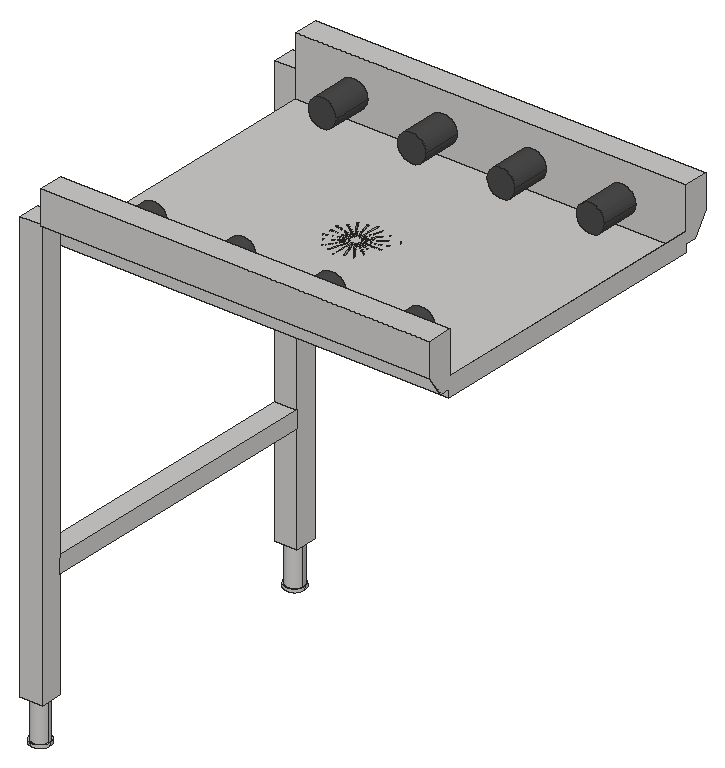
Revit family "QF_ELECTROLUXPROFESSIONAL_863139_HSSRC7", category Specialty Equipment, Revit 2018 (continued)
Lines and regions (mm)
  symbolic lines
    curve 298: arc (-728.848, 71.603, 0) -> (-728.908, 70.831, 0) -> (-729.497, 70.328, 0) r 1.012
    curve 299: line (-729.497, 70.328, 0) -> (-741.804, 66.33, 0)
    curve 300: arc (-741.804, 66.33, 0) -> (-742.604, 66.393, 0) -> (-743.125, 67.003, 0) r 1.048
    curve 301: line (-743.125, 67.003, 0) -> (-743.419, 67.91, 0)
    curve 302: arc (-743.419, 67.91, 0) -> (-743.36, 68.671, 0) -> (-742.779, 69.167, 0) r 0.998
    curve 303: line (-735.276, 73.399, 0) -> (-744.436, 73.399, 0)
    curve 304: arc (-744.436, 73.399, 0) -> (-745.153, 73.696, 0) -> (-745.45, 74.412, 0) r 1.013
    curve 305: line (-745.45, 74.412, 0) -> (-745.45, 75.402, 0)
    curve 306: arc (-745.45, 75.402, 0) -> (-745.158, 76.107, 0) -> (-744.452, 76.399, 0) r 0.997
    curve 307: line (-744.452, 76.399, 0) -> (-735.311, 76.399, 0)
    curve 308: arc (-735.311, 76.399, 0) -> (-734.579, 76.096, 0) -> (-734.276, 75.364, 0) r 1.035
    curve 309: line (-734.276, 75.364, 0) -> (-734.276, 74.399, 0)
    curve 310: arc (-734.276, 74.399, 0) -> (-734.569, 73.692, 0) -> (-735.276, 73.399, 0) r 1
    curve 311: line (-730.424, 76.616, 0) -> (-742.731, 80.615, 0)
    curve 312: arc (-742.731, 80.615, 0) -> (-743.341, 81.136, 0) -> (-743.404, 81.936, 0) r 1.048
    curve 313: line (-743.404, 81.936, 0) -> (-743.109, 82.843, 0)
    curve 314: arc (-743.109, 82.843, 0) -> (-742.613, 83.424, 0) -> (-741.852, 83.484, 0) r 0.998
    curve 315: line (-741.852, 83.484, 0) -> (-729.518, 79.476, 0)
    curve 316: arc (-729.518, 79.476, 0) -> (-728.916, 78.962, 0) -> (-728.854, 78.174, 0) r 1.033
    curve 317: line (-728.854, 78.174, 0) -> (-729.149, 77.266, 0)
    curve 318: arc (-729.149, 77.266, 0) -> (-729.652, 76.677, 0) -> (-730.424, 76.616, 0) r 1.012
    curve 319: line (-733.295, 82.497, 0) -> (-740.706, 87.881, 0)
    curve 320: arc (-740.706, 87.881, 0) -> (-741.111, 88.543, 0) -> (-740.93, 89.297, 0) r 1.013
    curve 321: line (-740.93, 89.297, 0) -> (-740.348, 90.097, 0)
    curve 322: arc (-740.348, 90.097, 0) -> (-739.697, 90.496, 0) -> (-738.955, 90.318, 0) r 0.997
    curve 323: line (-738.955, 90.318, 0) -> (-731.56, 84.945, 0)
    curve 324: arc (-731.56, 84.945, 0) -> (-731.146, 84.269, 0) -> (-731.331, 83.499, 0) r 1.035
    curve 325: line (-731.331, 83.499, 0) -> (-731.898, 82.718, 0)
    curve 326: arc (-731.898, 82.718, 0) -> (-732.551, 82.319, 0) -> (-733.295, 82.497, 0) r 1
    curve 327: line (-727.478, 82.248, 0) -> (-735.084, 92.717, 0)
    curve 328: arc (-735.084, 92.717, 0) -> (-735.272, 93.497, 0) -> (-734.852, 94.181, 0) r 1.048
    curve 329: line (-734.852, 94.181, 0) -> (-734.081, 94.742, 0)
    curve 330: arc (-734.081, 94.742, 0) -> (-733.338, 94.92, 0) -> (-732.687, 94.521, 0) r 0.998
    curve 331: line (-732.687, 94.521, 0) -> (-725.064, 84.029, 0)
    curve 332: arc (-725.064, 84.029, 0) -> (-724.879, 83.26, 0) -> (-725.293, 82.586, 0) r 1.033
    curve 333: line (-725.293, 82.586, 0) -> (-726.065, 82.024, 0)
    curve 334: arc (-726.065, 82.024, 0) -> (-726.818, 81.843, 0) -> (-727.478, 82.248, 0) r 1.012
    curve 335: line (-726.344, 88.693, 0) -> (-729.175, 97.405, 0)
    curve 336: arc (-729.175, 97.405, 0) -> (-729.114, 98.178, 0) -> (-728.524, 98.682, 0) r 1.013
    curve 337: line (-728.524, 98.682, 0) -> (-727.583, 98.988, 0)
    curve 338: arc (-727.583, 98.988, 0) -> (-726.822, 98.928, 0) -> (-726.326, 98.347, 0) r 0.997
    curve 339: line (-726.326, 98.347, 0) -> (-723.502, 89.654, 0)
    curve 340: arc (-723.502, 89.654, 0) -> (-723.564, 88.864, 0) -> (-724.166, 88.349, 0) r 1.035
    curve 341: line (-724.166, 88.349, 0) -> (-725.084, 88.051, 0)
    curve 342: arc (-725.084, 88.051, 0) -> (-725.847, 88.111, 0) -> (-726.344, 88.693, 0) r 1
    curve 343: line (-636.137, 265.317, 0) -> (-586.137, 265.317, 0)
    curve 344: line (-586.137, 265.317, 0) -> (-586.137, 335.271, 0)
    curve 345: line (-586.137, 335.271, 0) -> (-636.137, 335.271, 0)
    curve 346: line (-636.137, 335.271, 0) -> (-636.137, 265.317, 0)
    curve 347: line (-425.137, 265.317, 0) -> (-475.137, 265.317, 0)
    curve 348: line (-475.137, 265.317, 0) -> (-475.137, 335.271, 0)
    curve 349: line (-475.137, 335.271, 0) -> (-425.137, 335.271, 0)
    curve 350: line (-425.137, 335.271, 0) -> (-425.137, 265.317, 0)
    curve 351: line (-908.137, -115.842, 0) -> (-958.137, -115.842, 0)
    curve 352: line (-958.137, -115.842, 0) -> (-958.137, -185.797, 0)
    curve 353: line (-958.137, -185.797, 0) -> (-908.137, -185.797, 0)
    curve 354: line (-908.137, -185.797, 0) -> (-908.137, -115.842, 0)
    curve 355: line (-796.851, -115.842, 0) -> (-746.851, -115.842, 0)
    curve 356: line (-746.851, -115.842, 0) -> (-746.851, -185.797, 0)
    curve 357: line (-746.851, -185.797, 0) -> (-796.851, -185.797, 0)
    curve 358: line (-796.851, -185.797, 0) -> (-796.851, -115.842, 0)
    curve 359: line (-636.137, -115.842, 0) -> (-586.137, -115.842, 0)
    curve 360: line (-586.137, -115.842, 0) -> (-586.137, -185.797, 0)
    curve 361: line (-586.137, -185.797, 0) -> (-636.137, -185.797, 0)
    curve 362: line (-636.137, -185.797, 0) -> (-636.137, -115.842, 0)
    curve 363: line (-425.137, -115.842, 0) -> (-475.137, -115.842, 0)
    curve 364: line (-475.137, -115.842, 0) -> (-475.137, -185.797, 0)
    curve 365: line (-475.137, -185.797, 0) -> (-425.137, -185.797, 0)
    curve 366: line (-425.137, -185.797, 0) -> (-425.137, -115.842, 0)
Dimensions and locks
  plane 3 "LEFT" to plane 7 "RIGHT" = 700 mm
  equal spacing: plane 4 "BACK", plane 1 "Centro (Fronte/Retro)", plane 5 "FRONT"
  plane 4 "BACK" to plane 5 "FRONT" = 620 mm
  cut or joined group 1 (Extrusion 2, Extrusion 3, Extrusion 4, Revolve 5, Revolve 6, Extrusion 8, Extrusion 9, Extrusion 10, Extrusion 11, Extrusion 12, Extrusion 13, Extrusion 14, Extrusion 15, Extrusion 16, Extrusion 17, Extrusion 19, Extrusion 20, Extrusion 21, Extrusion 22, Extrusion 23, Extrusion 24, Extrusion 25, Extrusion 26, Extrusion 27, Extrusion 28) to cut or joined group 1 = 529.957 mm
  Extrusion 7 sketch curve to Extrusion 7 sketch curve to Extrusion 7 sketch curve to Extrusion 7 sketch curve = 161 mm, 161 mm, 161 mm
  plane 3 "LEFT" to plane 8 = 320 mm
  Extrusion 29 sketch curve to Extrusion 29 sketch curve to Extrusion 29 sketch curve to Extrusion 29 sketch curve = 161 mm, 161 mm, 161 mm
  aligned and locked: level to plane 2
  aligned and locked: Extrusion 2 to Extrusion 4
  aligned and locked: Extrusion 2 to Extrusion 3
Automatic sketch dimensions
  Extrusion 8 sketch curve to Extrusion 8 sketch curve = 0.998 mm
  Extrusion 8 sketch curve to Extrusion 8 sketch curve = 1.033 mm
  Extrusion 8 sketch curve to Extrusion 8 sketch curve = 12.94 mm
  Extrusion 8 sketch curve to Extrusion 8 sketch curve = 3.807 mm
  Extrusion 8 sketch curve to Extrusion 8 sketch curve = 20.041 mm
  Extrusion 8 sketch curve to Extrusion 8 sketch curve = 0.05 mm
  Extrusion 8 sketch curve to Extrusion 8 sketch curve = 0 mm
  Extrusion 8 sketch curve to Extrusion 8 sketch curve = 1.012 mm  (x2)
  Extrusion 8 sketch curve to Extrusion 8 sketch curve = 1.048 mm  (x2)
  Extrusion 8 sketch curve to Extrusion 8 sketch curve = 0.955 mm  (x2)
  Extrusion 8 sketch curve to Extrusion 8 sketch curve = 0.954 mm
  Extrusion 9 sketch curve to Extrusion 9 sketch curve = 0.998 mm
  Extrusion 9 sketch curve to Extrusion 9 sketch curve = 1.033 mm
  Extrusion 9 sketch curve to Extrusion 9 sketch curve = 12.94 mm
  Extrusion 9 sketch curve to Extrusion 9 sketch curve = 3.807 mm
  Extrusion 9 sketch curve to Extrusion 9 sketch curve = 20.041 mm
  Extrusion 9 sketch curve to Extrusion 9 sketch curve = 0.05 mm
  Extrusion 9 sketch curve to Extrusion 9 sketch curve = 0 mm
  Extrusion 9 sketch curve to Extrusion 9 sketch curve = 1.012 mm  (x2)
  Extrusion 9 sketch curve to Extrusion 9 sketch curve = 1.048 mm  (x2)
  Extrusion 9 sketch curve to Extrusion 9 sketch curve = 0.955 mm  (x2)
  Extrusion 9 sketch curve to Extrusion 9 sketch curve = 0.954 mm
  Extrusion 10 sketch curve to Extrusion 10 sketch curve = 0.998 mm
  Extrusion 10 sketch curve to Extrusion 10 sketch curve = 1.033 mm
  Extrusion 10 sketch curve to Extrusion 10 sketch curve = 12.94 mm
  Extrusion 10 sketch curve to Extrusion 10 sketch curve = 3.807 mm
  Extrusion 10 sketch curve to Extrusion 10 sketch curve = 20.041 mm
  Extrusion 10 sketch curve to Extrusion 10 sketch curve = 0.05 mm
  Extrusion 10 sketch curve to Extrusion 10 sketch curve = 0 mm
  Extrusion 10 sketch curve to Extrusion 10 sketch curve = 1.012 mm  (x2)
  Extrusion 10 sketch curve to Extrusion 10 sketch curve = 1.048 mm  (x2)
  Extrusion 10 sketch curve to Extrusion 10 sketch curve = 0.955 mm  (x2)
  Extrusion 10 sketch curve to Extrusion 10 sketch curve = 0.954 mm
  Extrusion 11 sketch curve to Extrusion 11 sketch curve = 0.998 mm
  Extrusion 11 sketch curve to Extrusion 11 sketch curve = 1.033 mm
  Extrusion 11 sketch curve to Extrusion 11 sketch curve = 12.94 mm
  Extrusion 11 sketch curve to Extrusion 11 sketch curve = 3.807 mm
  Extrusion 11 sketch curve to Extrusion 11 sketch curve = 20.041 mm
  Extrusion 11 sketch curve to Extrusion 11 sketch curve = 0.05 mm
  Extrusion 11 sketch curve to Extrusion 11 sketch curve = 0 mm
  Extrusion 11 sketch curve to Extrusion 11 sketch curve = 1.012 mm  (x2)
  Extrusion 11 sketch curve to Extrusion 11 sketch curve = 1.048 mm  (x2)
  Extrusion 11 sketch curve to Extrusion 11 sketch curve = 0.955 mm  (x2)
  Extrusion 11 sketch curve to Extrusion 11 sketch curve = 0.954 mm
  Extrusion 12 sketch curve to Extrusion 12 sketch curve = 0.998 mm
  Extrusion 12 sketch curve to Extrusion 12 sketch curve = 1.033 mm
  Extrusion 12 sketch curve to Extrusion 12 sketch curve = 12.94 mm
  Extrusion 12 sketch curve to Extrusion 12 sketch curve = 3.807 mm
  Extrusion 12 sketch curve to Extrusion 12 sketch curve = 20.041 mm
  Extrusion 12 sketch curve to Extrusion 12 sketch curve = 0.05 mm
  Extrusion 12 sketch curve to Extrusion 12 sketch curve = 0 mm
  Extrusion 12 sketch curve to Extrusion 12 sketch curve = 1.012 mm  (x2)
  Extrusion 12 sketch curve to Extrusion 12 sketch curve = 1.048 mm  (x2)
  Extrusion 12 sketch curve to Extrusion 12 sketch curve = 0.955 mm  (x2)
  Extrusion 12 sketch curve to Extrusion 12 sketch curve = 0.954 mm
  Extrusion 13 sketch curve to Extrusion 13 sketch curve = 0.998 mm
  Extrusion 13 sketch curve to Extrusion 13 sketch curve = 1.033 mm
  Extrusion 13 sketch curve to Extrusion 13 sketch curve = 12.94 mm
  Extrusion 13 sketch curve to Extrusion 13 sketch curve = 3.807 mm
  Extrusion 13 sketch curve to Extrusion 13 sketch curve = 20.041 mm
  Extrusion 13 sketch curve to Extrusion 13 sketch curve = 0.05 mm
  Extrusion 13 sketch curve to Extrusion 13 sketch curve = 0 mm
  Extrusion 13 sketch curve to Extrusion 13 sketch curve = 1.012 mm  (x2)
  Extrusion 13 sketch curve to Extrusion 13 sketch curve = 1.048 mm  (x2)
  Extrusion 13 sketch curve to Extrusion 13 sketch curve = 0.955 mm  (x2)
  Extrusion 13 sketch curve to Extrusion 13 sketch curve = 0.954 mm
  Extrusion 14 sketch curve to Extrusion 14 sketch curve = 0.998 mm
  Extrusion 14 sketch curve to Extrusion 14 sketch curve = 1.033 mm
  Extrusion 14 sketch curve to Extrusion 14 sketch curve = 12.94 mm
  Extrusion 14 sketch curve to Extrusion 14 sketch curve = 3.807 mm
  Extrusion 14 sketch curve to Extrusion 14 sketch curve = 20.041 mm
  Extrusion 14 sketch curve to Extrusion 14 sketch curve = 0.05 mm
  Extrusion 14 sketch curve to Extrusion 14 sketch curve = 0 mm
  Extrusion 14 sketch curve to Extrusion 14 sketch curve = 1.012 mm  (x2)
  Extrusion 14 sketch curve to Extrusion 14 sketch curve = 1.048 mm  (x2)
  Extrusion 14 sketch curve to Extrusion 14 sketch curve = 0.955 mm  (x2)
  Extrusion 14 sketch curve to Extrusion 14 sketch curve = 0.954 mm
  Extrusion 15 sketch curve to Extrusion 15 sketch curve = 0.998 mm
  Extrusion 15 sketch curve to Extrusion 15 sketch curve = 1.033 mm
  Extrusion 15 sketch curve to Extrusion 15 sketch curve = 12.94 mm
  Extrusion 15 sketch curve to Extrusion 15 sketch curve = 3.807 mm
  Extrusion 15 sketch curve to Extrusion 15 sketch curve = 20.041 mm
  Extrusion 15 sketch curve to Extrusion 15 sketch curve = 0.05 mm
  Extrusion 15 sketch curve to Extrusion 15 sketch curve = 0 mm
  Extrusion 15 sketch curve to Extrusion 15 sketch curve = 1.012 mm  (x2)
  Extrusion 15 sketch curve to Extrusion 15 sketch curve = 1.048 mm  (x2)
  Extrusion 15 sketch curve to Extrusion 15 sketch curve = 0.955 mm  (x2)
  Extrusion 15 sketch curve to Extrusion 15 sketch curve = 0.954 mm
  Extrusion 16 sketch curve to Extrusion 16 sketch curve = 0.998 mm
  Extrusion 16 sketch curve to Extrusion 16 sketch curve = 1.033 mm
  Extrusion 16 sketch curve to Extrusion 16 sketch curve = 12.94 mm
  Extrusion 16 sketch curve to Extrusion 16 sketch curve = 3.807 mm
  Extrusion 16 sketch curve to Extrusion 16 sketch curve = 20.041 mm
  Extrusion 16 sketch curve to Extrusion 16 sketch curve = 0.05 mm
  Extrusion 16 sketch curve to Extrusion 16 sketch curve = 0 mm
  Extrusion 16 sketch curve to Extrusion 16 sketch curve = 1.012 mm  (x2)
  Extrusion 16 sketch curve to Extrusion 16 sketch curve = 1.048 mm  (x2)
  Extrusion 16 sketch curve to Extrusion 16 sketch curve = 0.955 mm  (x2)
  Extrusion 16 sketch curve to Extrusion 16 sketch curve = 0.954 mm
  Extrusion 17 sketch curve to Extrusion 17 sketch curve = 0.998 mm
  Extrusion 17 sketch curve to Extrusion 17 sketch curve = 1.033 mm
  Extrusion 17 sketch curve to Extrusion 17 sketch curve = 12.94 mm
  Extrusion 17 sketch curve to Extrusion 17 sketch curve = 3.807 mm
  Extrusion 17 sketch curve to Extrusion 17 sketch curve = 20.041 mm
  Extrusion 17 sketch curve to Extrusion 17 sketch curve = 0.05 mm
  Extrusion 17 sketch curve to Extrusion 17 sketch curve = 0 mm
  Extrusion 17 sketch curve to Extrusion 17 sketch curve = 1.012 mm  (x2)
  Extrusion 17 sketch curve to Extrusion 17 sketch curve = 1.048 mm  (x2)
  Extrusion 17 sketch curve to Extrusion 17 sketch curve = 0.955 mm  (x2)
  Extrusion 17 sketch curve to Extrusion 17 sketch curve = 0.954 mm
  Extrusion 19 sketch curve to Extrusion 19 sketch curve = 0.997 mm  (x2)
  Extrusion 19 sketch curve to Extrusion 19 sketch curve = 0.016 mm  (x2)
  Extrusion 19 sketch curve to Extrusion 19 sketch curve = 14.766 mm
  Extrusion 19 sketch curve to Extrusion 19 sketch curve = 4.462 mm
  Extrusion 19 sketch curve to Extrusion 19 sketch curve = 9.141 mm
  Extrusion 19 sketch curve to Extrusion 19 sketch curve = 0.035 mm  (x2)
  Extrusion 19 sketch curve to Extrusion 19 sketch curve = 1.035 mm  (x2)
  Extrusion 19 sketch curve to Extrusion 19 sketch curve = 1 mm
  Extrusion 19 sketch curve to Extrusion 19 sketch curve = 0.965 mm  (x2)
  Extrusion 20 sketch curve to Extrusion 20 sketch curve = 0.997 mm  (x2)
  Extrusion 20 sketch curve to Extrusion 20 sketch curve = 0.016 mm  (x2)
  Extrusion 20 sketch curve to Extrusion 20 sketch curve = 14.766 mm
  Extrusion 20 sketch curve to Extrusion 20 sketch curve = 4.462 mm
  Extrusion 20 sketch curve to Extrusion 20 sketch curve = 9.141 mm
  Extrusion 20 sketch curve to Extrusion 20 sketch curve = 0.035 mm  (x2)
  Extrusion 20 sketch curve to Extrusion 20 sketch curve = 1.035 mm  (x2)
  Extrusion 20 sketch curve to Extrusion 20 sketch curve = 1 mm
  Extrusion 20 sketch curve to Extrusion 20 sketch curve = 0.965 mm  (x2)
  Extrusion 21 sketch curve to Extrusion 21 sketch curve = 0.997 mm  (x2)
  Extrusion 21 sketch curve to Extrusion 21 sketch curve = 0.016 mm  (x2)
  Extrusion 21 sketch curve to Extrusion 21 sketch curve = 14.766 mm
  Extrusion 21 sketch curve to Extrusion 21 sketch curve = 4.462 mm
  Extrusion 21 sketch curve to Extrusion 21 sketch curve = 9.141 mm
  Extrusion 21 sketch curve to Extrusion 21 sketch curve = 0.035 mm  (x2)
  Extrusion 21 sketch curve to Extrusion 21 sketch curve = 1.035 mm  (x2)
  Extrusion 21 sketch curve to Extrusion 21 sketch curve = 1 mm
  Extrusion 21 sketch curve to Extrusion 21 sketch curve = 0.965 mm  (x2)
  Extrusion 22 sketch curve to Extrusion 22 sketch curve = 0.997 mm  (x2)
  Extrusion 22 sketch curve to Extrusion 22 sketch curve = 0.016 mm  (x2)
  Extrusion 22 sketch curve to Extrusion 22 sketch curve = 14.766 mm
  Extrusion 22 sketch curve to Extrusion 22 sketch curve = 4.462 mm
  Extrusion 22 sketch curve to Extrusion 22 sketch curve = 9.141 mm
  Extrusion 22 sketch curve to Extrusion 22 sketch curve = 0.035 mm  (x2)
  Extrusion 22 sketch curve to Extrusion 22 sketch curve = 1.035 mm  (x2)
  Extrusion 22 sketch curve to Extrusion 22 sketch curve = 1 mm
  Extrusion 22 sketch curve to Extrusion 22 sketch curve = 0.965 mm  (x2)
  Extrusion 23 sketch curve to Extrusion 23 sketch curve = 0.997 mm  (x2)
  Extrusion 23 sketch curve to Extrusion 23 sketch curve = 0.016 mm  (x2)
  Extrusion 23 sketch curve to Extrusion 23 sketch curve = 14.766 mm
  Extrusion 23 sketch curve to Extrusion 23 sketch curve = 4.462 mm
  Extrusion 23 sketch curve to Extrusion 23 sketch curve = 9.141 mm
  Extrusion 23 sketch curve to Extrusion 23 sketch curve = 0.035 mm  (x2)
  Extrusion 23 sketch curve to Extrusion 23 sketch curve = 1.035 mm  (x2)
  Extrusion 23 sketch curve to Extrusion 23 sketch curve = 1 mm
  Extrusion 23 sketch curve to Extrusion 23 sketch curve = 0.965 mm  (x2)
  Extrusion 24 sketch curve to Extrusion 24 sketch curve = 0.997 mm  (x2)
  Extrusion 24 sketch curve to Extrusion 24 sketch curve = 0.016 mm  (x2)
  Extrusion 24 sketch curve to Extrusion 24 sketch curve = 14.766 mm
  Extrusion 24 sketch curve to Extrusion 24 sketch curve = 4.462 mm
  Extrusion 24 sketch curve to Extrusion 24 sketch curve = 9.141 mm
  Extrusion 24 sketch curve to Extrusion 24 sketch curve = 0.035 mm  (x2)
  Extrusion 24 sketch curve to Extrusion 24 sketch curve = 1.035 mm  (x2)
  Extrusion 24 sketch curve to Extrusion 24 sketch curve = 1 mm
  Extrusion 24 sketch curve to Extrusion 24 sketch curve = 0.965 mm  (x2)
  Extrusion 25 sketch curve to Extrusion 25 sketch curve = 0.997 mm  (x2)
  Extrusion 25 sketch curve to Extrusion 25 sketch curve = 0.016 mm  (x2)
  Extrusion 25 sketch curve to Extrusion 25 sketch curve = 14.766 mm
  Extrusion 25 sketch curve to Extrusion 25 sketch curve = 4.462 mm
  Extrusion 25 sketch curve to Extrusion 25 sketch curve = 9.141 mm
  Extrusion 25 sketch curve to Extrusion 25 sketch curve = 0.035 mm  (x2)
  Extrusion 25 sketch curve to Extrusion 25 sketch curve = 1.035 mm  (x2)
  Extrusion 25 sketch curve to Extrusion 25 sketch curve = 1 mm
  Extrusion 25 sketch curve to Extrusion 25 sketch curve = 0.965 mm  (x2)
  Extrusion 26 sketch curve to Extrusion 26 sketch curve = 0.997 mm  (x2)
  Extrusion 26 sketch curve to Extrusion 26 sketch curve = 0.016 mm  (x2)
  Extrusion 26 sketch curve to Extrusion 26 sketch curve = 14.766 mm
  Extrusion 26 sketch curve to Extrusion 26 sketch curve = 4.462 mm
  Extrusion 26 sketch curve to Extrusion 26 sketch curve = 9.141 mm
  Extrusion 26 sketch curve to Extrusion 26 sketch curve = 0.035 mm  (x2)
  Extrusion 26 sketch curve to Extrusion 26 sketch curve = 1.035 mm  (x2)
  Extrusion 26 sketch curve to Extrusion 26 sketch curve = 1 mm
  Extrusion 26 sketch curve to Extrusion 26 sketch curve = 0.965 mm  (x2)
  Extrusion 27 sketch curve to Extrusion 27 sketch curve = 0.997 mm  (x2)
  Extrusion 27 sketch curve to Extrusion 27 sketch curve = 0.016 mm  (x2)
  Extrusion 27 sketch curve to Extrusion 27 sketch curve = 14.766 mm
  Extrusion 27 sketch curve to Extrusion 27 sketch curve = 4.462 mm
  Extrusion 27 sketch curve to Extrusion 27 sketch curve = 9.141 mm
  Extrusion 27 sketch curve to Extrusion 27 sketch curve = 0.035 mm  (x2)
  Extrusion 27 sketch curve to Extrusion 27 sketch curve = 1.035 mm  (x2)
  Extrusion 27 sketch curve to Extrusion 27 sketch curve = 1 mm
  Extrusion 27 sketch curve to Extrusion 27 sketch curve = 0.965 mm  (x2)
  Extrusion 28 sketch curve to Extrusion 28 sketch curve = 0.997 mm  (x2)
  Extrusion 28 sketch curve to Extrusion 28 sketch curve = 0.016 mm  (x2)
  Extrusion 28 sketch curve to Extrusion 28 sketch curve = 14.766 mm
  Extrusion 28 sketch curve to Extrusion 28 sketch curve = 4.462 mm
  Extrusion 28 sketch curve to Extrusion 28 sketch curve = 9.141 mm
  Extrusion 28 sketch curve to Extrusion 28 sketch curve = 0.035 mm  (x2)
  Extrusion 28 sketch curve to Extrusion 28 sketch curve = 1.035 mm  (x2)
  Extrusion 28 sketch curve to Extrusion 28 sketch curve = 1 mm
  Extrusion 28 sketch curve to Extrusion 28 sketch curve = 0.965 mm  (x2)
  curve 9 to curve 10 = 0 mm  (x2)
  curve 11 to curve 12 = 0 mm  (x2)
  curve 181 to curve 182 = 0 mm  (x2)
  plane 1 "Centro (Fronte/Retro)" to curve 8 = 0 mm
  curve 8 to plane 3 "LEFT" = 0 mm
  curve 9 to plane 8 = 0 mm
  plane 1 "Centro (Fronte/Retro)" to curve 12 = 0 mm
  plane 1 "Centro (Fronte/Retro)" to curve 7 = 0 mm
  curve 7 to plane 7 "RIGHT" = 0 mm
  curve 4 to plane 5 "FRONT" = 0 mm
  plane 1 "Centro (Fronte/Retro)" to curve 10 = 0 mm
  curve 2 to plane 4 "BACK" = 0 mm
  plane 3 "LEFT" to curve 13 = 80.624 mm
  plane 3 "LEFT" to curve 352 = 80.624 mm
  curve 352 to curve 353 = 50 mm
  curve 13 to curve 13 = 50 mm
  curve 358 to plane 8 = 78.09 mm
  curve 20 to plane 8 = 78.09 mm
  plane 1 "Centro (Fronte/Retro)" to curve 151 = 14.84 mm
  curve 151 to plane 8 = 49.319 mm
  curve 167 to plane 1 "Centro (Fronte/Retro)" = 15.211 mm
  curve 151 to curve 167 = 0.016 mm
  plane 1 "Centro (Fronte/Retro)" to curve 151 = 15.747 mm
  curve 151 to curve 151 = 0.295 mm
  curve 167 to plane 1 "Centro (Fronte/Retro)" = 16.119 mm
  curve 166 to curve 167 = 0.295 mm
  plane 1 "Centro (Fronte/Retro)" to curve 153 = 13.583 mm
  curve 151 to curve 153 = 0.641 mm
  curve 165 to plane 1 "Centro (Fronte/Retro)" = 13.891 mm
  curve 167 to curve 165 = 0.673 mm
  curve 151 to curve 152 = 0.949 mm
  curve 167 to curve 166 = 0.997 mm
  curve 166 to curve 168 = 0.247 mm
  curve 152 to curve 150 = 0.343 mm
  plane 1 "Centro (Fronte/Retro)" to curve 159 = 0.325 mm
  curve 153 to curve 159 = 0.729 mm
  curve 169 to plane 1 "Centro (Fronte/Retro)" = 16.759 mm
  curve 168 to curve 169 = 0.308 mm
  plane 1 "Centro (Fronte/Retro)" to curve 149 = 16.42 mm
  curve 150 to curve 149 = 0.324 mm
  curve 160 to plane 1 "Centro (Fronte/Retro)" = 0.664 mm
  curve 159 to curve 160 = 0.997 mm
  curve 160 to curve 158 = 0.016 mm
  curve 149 to curve 143 = 8.325 mm
  curve 168 to curve 175 = 8.383 mm
  curve 144 to curve 145 = 0.221 mm
  curve 173 to plane 1 "Centro (Fronte/Retro)" = 25.641 mm
  curve 174 to curve 173 = 0.224 mm
  curve 143 to curve 143 = 0.581 mm
  curve 174 to curve 175 = 0.581 mm
  curve 145 to curve 144 = 0.586 mm
  curve 174 to curve 174 = 0.82 mm
  curve 174 to curve 176 = 0.569 mm
  curve 144 to curve 142 = 0.594 mm
  curve 176 to curve 177 = 0.586 mm
  plane 1 "Centro (Fronte/Retro)" to curve 141 = 27.744 mm
  curve 142 to curve 141 = 0.596 mm
  curve 162 to plane 1 "Centro (Fronte/Retro)" = 0.627 mm
  curve 160 to curve 162 = 14.766 mm
  plane 1 "Centro (Fronte/Retro)" to curve 164 = 0.338 mm
  curve 141 to curve 137 = 5.787 mm
  curve 177 to curve 21 = 5.83 mm
  curve 137 to curve 135 = 0.221 mm
  curve 21 to curve 23 = 0.232 mm
  curve 136 to curve 136 = 0.587 mm
  curve 22 to curve 22 = 0.616 mm
  curve 135 to curve 135 = 0.772 mm
  curve 23 to curve 23 = 0.772 mm
  curve 136 to curve 134 = 0.801 mm
  curve 22 to curve 24 = 0.742 mm
  plane 1 "Centro (Fronte/Retro)" to curve 153 = 7.374 mm
  curve 157 to curve 153 = 2.58 mm
  curve 165 to plane 1 "Centro (Fronte/Retro)" = 7.691 mm
  curve 161 to curve 165 = 2.636 mm
  curve 153 to curve 154 = 0.319 mm
  curve 165 to curve 172 = 0.313 mm
  curve 24 to curve 25 = 0.807 mm
  curve 134 to curve 133 = 0.848 mm
  curve 172 to curve 170 = 0.274 mm
  curve 154 to curve 156 = 0.316 mm
  curve 169 to plane 1 "Centro (Fronte/Retro)" = 10.551 mm
  curve 170 to curve 169 = 0.319 mm
  plane 1 "Centro (Fronte/Retro)" to curve 149 = 10.22 mm
  curve 156 to curve 149 = 0.313 mm
  curve 171 to plane 1 "Centro (Fronte/Retro)" = 8.34 mm
  curve 172 to curve 171 = 0.962 mm
  plane 1 "Centro (Fronte/Retro)" to curve 155 = 8.037 mm
  curve 154 to curve 155 = 0.983 mm
  curve 357 to plane 8 = 28.09 mm
  curve 19 to plane 8 = 28.09 mm
  curve 171 to plane 1 "Centro (Fronte/Retro)" = 9.249 mm
  curve 171 to curve 171 = 0.295 mm
  plane 1 "Centro (Fronte/Retro)" to curve 155 = 8.946 mm
  curve 155 to curve 155 = 0.295 mm
  curve 149 to curve 145 = 1.411 mm
  curve 169 to curve 173 = 1.46 mm
  curve 305 to plane 1 "Centro (Fronte/Retro)" = 0.664 mm
  curve 162 to curve 305 = 4.462 mm
  curve 145 to curve 146 = 0.608 mm
  curve 173 to curve 180 = 0.588 mm
  curve 180 to curve 178 = 0.539 mm
  curve 146 to curve 148 = 0.596 mm
  curve 179 to plane 1 "Centro (Fronte/Retro)" = 17.172 mm
  curve 180 to curve 179 = 0.809 mm
  curve 146 to curve 147 = 0.838 mm
  curve 305 to curve 307 = 0.997 mm
  curve 304 to curve 303 = 1.013 mm
  curve 177 to plane 1 "Centro (Fronte/Retro)" = 19.398 mm
  curve 178 to curve 177 = 0.608 mm
  curve 148 to curve 141 = 0.588 mm
  curve 179 to curve 179 = 0.567 mm
  curve 147 to curve 147 = 0.567 mm
  plane 1 "Centro (Fronte/Retro)" to curve 301 = 6.827 mm
  curve 155 to curve 301 = 3.61 mm
  curve 313 to plane 1 "Centro (Fronte/Retro)" = 7.199 mm
  curve 171 to curve 313 = 3.632 mm
  plane 1 "Centro (Fronte/Retro)" to curve 301 = 7.734 mm
  curve 301 to curve 301 = 0.295 mm
  curve 313 to plane 1 "Centro (Fronte/Retro)" = 8.106 mm
  curve 312 to curve 313 = 0.295 mm
  plane 1 "Centro (Fronte/Retro)" to curve 295 = 5.57 mm
  curve 302 to curve 295 = 0.641 mm
  curve 311 to plane 1 "Centro (Fronte/Retro)" = 5.878 mm
  curve 313 to curve 311 = 0.673 mm
  curve 302 to curve 302 = 0.308 mm
  curve 311 to curve 312 = 0.324 mm
  curve 312 to curve 314 = 0.247 mm
  curve 302 to curve 300 = 0.343 mm
  curve 315 to plane 1 "Centro (Fronte/Retro)" = 8.747 mm
  curve 314 to curve 315 = 0.308 mm
  plane 1 "Centro (Fronte/Retro)" to curve 299 = 8.407 mm
  curve 300 to curve 299 = 0.324 mm
  curve 147 to curve 293 = 3.588 mm
  curve 179 to curve 321 = 3.618 mm
  plane 1 "Centro (Fronte/Retro)" to curve 287 = 12.83 mm
  curve 293 to curve 287 = 0.221 mm
  curve 319 to plane 1 "Centro (Fronte/Retro)" = 13.144 mm
  curve 320 to curve 319 = 0.224 mm
  curve 293 to curve 293 = 0.581 mm
  curve 320 to curve 321 = 0.581 mm
  curve 293 to curve 294 = 0.807 mm
  curve 320 to curve 320 = 0.82 mm
  curve 320 to curve 322 = 0.569 mm
  curve 294 to curve 292 = 0.594 mm
  curve 322 to curve 323 = 0.586 mm
  plane 1 "Centro (Fronte/Retro)" to curve 291 = 15.248 mm
  curve 292 to curve 291 = 0.596 mm
  curve 141 to curve 137 = 5.635 mm
  curve 177 to curve 21 = 5.676 mm
  curve 21 to curve 28 = 0.818 mm
  curve 137 to curve 138 = 0.836 mm
  curve 28 to curve 27 = 0.595 mm
  curve 138 to curve 139 = 0.607 mm
  curve 28 to curve 26 = 0.76 mm
  curve 138 to curve 140 = 0.786 mm
  curve 27 to curve 27 = 0.773 mm
  curve 139 to curve 139 = 0.773 mm
  curve 26 to curve 25 = 0.836 mm
  curve 140 to curve 133 = 0.818 mm
  curve 133 to curve 129 = 12.149 mm
  curve 24 to curve 29 = 12.184 mm
  curve 308 to plane 1 "Centro (Fronte/Retro)" = 0.627 mm
  curve 311 to curve 308 = 7.42 mm
  plane 1 "Centro (Fronte/Retro)" to curve 310 = 0.338 mm
  curve 308 to curve 310 = 0.035 mm
  curve 291 to curve 279 = 3.828 mm
  curve 128 to curve 127 = 0.64 mm
  curve 29 to curve 31 = 0.651 mm
  curve 323 to curve 327 = 3.871 mm
  curve 279 to curve 285 = 0.221 mm
  curve 327 to curve 329 = 0.232 mm
  curve 128 to curve 128 = 0.308 mm
  curve 29 to curve 30 = 0.964 mm
  curve 285 to curve 286 = 0.587 mm
  curve 329 to curve 328 = 0.616 mm
  curve 127 to curve 127 = 0.941 mm
  curve 30 to curve 31 = 0.941 mm
  curve 285 to curve 285 = 0.772 mm
  curve 329 to curve 329 = 0.772 mm
  curve 128 to curve 126 = 0.946 mm
  curve 30 to curve 32 = 0.936 mm
  curve 286 to curve 284 = 0.801 mm
  curve 328 to curve 330 = 0.742 mm
  curve 310 to curve 287 = 1.953 mm
  curve 307 to curve 319 = 2.017 mm
  curve 32 to curve 33 = 0.949 mm
  curve 126 to curve 125 = 0.964 mm
  curve 288 to curve 288 = 0.608 mm
  curve 319 to curve 326 = 0.588 mm
  curve 330 to curve 331 = 0.807 mm
  curve 284 to curve 283 = 0.848 mm
  curve 326 to curve 324 = 0.539 mm
  curve 288 to curve 290 = 0.596 mm
  curve 325 to plane 1 "Centro (Fronte/Retro)" = 7.981 mm
  curve 326 to curve 325 = 0.809 mm
  curve 288 to curve 289 = 0.838 mm
  curve 323 to plane 1 "Centro (Fronte/Retro)" = 10.208 mm
  curve 324 to curve 323 = 0.608 mm
  curve 290 to curve 291 = 0.588 mm
  curve 325 to curve 325 = 0.567 mm
  plane 1 "Centro (Fronte/Retro)" to curve 289 = 8.467 mm
  curve 288 to curve 289 = 0.567 mm
  curve 140 to curve 129 = 4.919 mm
  curve 26 to curve 29 = 4.943 mm
  plane 1 "Centro (Fronte/Retro)" to curve 295 = 1.562 mm
  curve 310 to curve 295 = 3.832 mm
  curve 311 to plane 1 "Centro (Fronte/Retro)" = 1.879 mm
  curve 295 to curve 311 = 0.021 mm
  curve 29 to curve 36 = 0.951 mm
  curve 130 to curve 130 = 0.985 mm
  curve 295 to curve 296 = 0.319 mm
  curve 318 to curve 318 = 0.313 mm
  curve 36 to curve 35 = 0.309 mm
  curve 130 to curve 131 = 0.32 mm
  curve 318 to curve 316 = 0.274 mm
  curve 296 to curve 298 = 0.316 mm
  curve 315 to plane 1 "Centro (Fronte/Retro)" = 4.739 mm
  curve 316 to curve 315 = 0.319 mm
  plane 1 "Centro (Fronte/Retro)" to curve 299 = 4.409 mm
  curve 298 to curve 299 = 0.313 mm
  curve 36 to curve 34 = 0.907 mm
  curve 130 to curve 132 = 0.928 mm
  curve 283 to curve 271 = 3.478 mm
  curve 330 to curve 335 = 3.512 mm
  curve 317 to plane 1 "Centro (Fronte/Retro)" = 2.529 mm
  curve 318 to curve 317 = 0.962 mm
  plane 1 "Centro (Fronte/Retro)" to curve 297 = 2.226 mm
  curve 296 to curve 297 = 0.983 mm
  curve 35 to curve 35 = 0.918 mm
  curve 130 to curve 131 = 0.918 mm
  curve 317 to plane 1 "Centro (Fronte/Retro)" = 3.437 mm
  curve 318 to curve 317 = 0.295 mm
  plane 1 "Centro (Fronte/Retro)" to curve 297 = 3.134 mm
  curve 296 to curve 297 = 0.295 mm
  curve 278 to curve 277 = 0.64 mm
  curve 335 to curve 337 = 0.651 mm
  curve 34 to curve 33 = 0.985 mm
  curve 132 to curve 125 = 0.951 mm
  curve 278 to curve 278 = 0.949 mm
  curve 336 to curve 336 = 0.313 mm
  curve 278 to curve 277 = 0.941 mm
  curve 336 to curve 337 = 0.941 mm
  curve 298 to curve 279 = 2.006 mm
  curve 315 to curve 327 = 2.039 mm
  curve 278 to curve 276 = 0.946 mm
  curve 336 to curve 338 = 0.936 mm
  curve 327 to curve 334 = 0.818 mm
  curve 279 to curve 280 = 0.836 mm
  curve 280 to curve 271 = 0.3 mm
  curve 334 to curve 335 = 0.316 mm
  curve 338 to curve 339 = 0.949 mm
  curve 276 to curve 275 = 0.964 mm
  curve 334 to curve 333 = 0.595 mm
  curve 280 to curve 281 = 0.607 mm
  curve 334 to curve 332 = 0.76 mm
  curve 280 to curve 282 = 0.786 mm
  curve 342 to curve 342 = 0.951 mm
  curve 271 to curve 272 = 0.985 mm
  curve 333 to curve 333 = 0.773 mm
  curve 281 to curve 281 = 0.773 mm
  curve 342 to curve 341 = 0.309 mm
  curve 332 to curve 331 = 0.836 mm
  curve 282 to curve 283 = 0.818 mm
  curve 272 to curve 273 = 0.32 mm
  curve 342 to curve 340 = 0.907 mm
  curve 272 to curve 274 = 0.928 mm
  curve 342 to curve 341 = 0.918 mm
  curve 272 to curve 273 = 0.918 mm
  curve 340 to curve 339 = 0.985 mm
  curve 274 to curve 275 = 0.951 mm
  curve 121 to plane 8 = 3.024 mm
  curve 187 to plane 8 = 3.024 mm
  curve 263 to plane 8 = 3.024 mm
  curve 37 to plane 8 = 3.024 mm
  curve 270 to curve 269 = 0.998 mm
  curve 120 to curve 120 = 0.998 mm
  curve 37 to curve 44 = 1.012 mm
  curve 186 to curve 186 = 1.012 mm
  curve 121 to curve 123 = 1.033 mm
  curve 264 to curve 265 = 1.033 mm
  curve 37 to curve 39 = 1.048 mm
  curve 187 to curve 188 = 1.048 mm
  curve 181 to plane 1 "Centro (Fronte/Retro)" = 0.162 mm
  curve 181 to plane 8 = 1.524 mm
  curve 269 to curve 269 = 0.954 mm
  curve 120 to curve 118 = 0.954 mm
  curve 43 to curve 43 = 0.955 mm
  curve 186 to curve 184 = 0.955 mm
  curve 122 to curve 124 = 0.955 mm
  curve 264 to curve 265 = 0.955 mm
  curve 38 to curve 40 = 0.954 mm
  curve 188 to curve 189 = 0.954 mm
  curve 117 to plane 8 = 0.024 mm
  curve 41 to plane 8 = 0.024 mm
  curve 183 to plane 8 = 0.024 mm
  curve 267 to plane 8 = 0.024 mm
  plane 8 to curve 195 = 1.682 mm
  plane 8 to curve 255 = 1.693 mm
  curve 194 to curve 193 = 0.642 mm
  curve 255 to curve 257 = 0.665 mm
  curve 194 to curve 194 = 0.951 mm
  curve 255 to curve 256 = 0.985 mm
  curve 193 to curve 193 = 0.918 mm
  plane 8 to curve 203 = 3.243 mm
  plane 8 to curve 247 = 3.256 mm
  curve 256 to curve 257 = 0.918 mm
  curve 202 to curve 201 = 0.224 mm
  curve 247 to curve 249 = 0.229 mm
  curve 194 to curve 192 = 0.928 mm
  curve 256 to curve 258 = 0.907 mm
  curve 202 to curve 202 = 0.818 mm
  curve 248 to curve 248 = 0.607 mm
  curve 201 to curve 201 = 0.773 mm
  curve 249 to curve 249 = 0.773 mm
  plane 8 to curve 195 = 4.513 mm
  plane 8 to curve 255 = 4.518 mm
  curve 258 to curve 259 = 0.951 mm
  curve 192 to curve 191 = 0.985 mm
  curve 202 to curve 200 = 0.786 mm
  curve 248 to curve 250 = 0.76 mm
  curve 255 to curve 262 = 0.949 mm
  curve 195 to curve 196 = 0.964 mm
  curve 250 to curve 251 = 0.818 mm
  curve 200 to curve 199 = 0.836 mm
  curve 262 to curve 261 = 0.308 mm
  curve 196 to curve 197 = 0.313 mm
  curve 262 to curve 260 = 0.936 mm
  curve 196 to curve 198 = 0.946 mm
  curve 196 to curve 45 = 0.724 mm
  curve 261 to curve 113 = 0.75 mm
  curve 261 to curve 261 = 0.941 mm
  curve 197 to curve 197 = 0.941 mm
  curve 217 to plane 1 "Centro (Fronte/Retro)" = 3.458 mm
  curve 199 to curve 217 = 1.357 mm
  plane 1 "Centro (Fronte/Retro)" to curve 233 = 3.113 mm
  curve 251 to curve 233 = 1.376 mm
  curve 52 to curve 51 = 0.642 mm
  curve 114 to curve 115 = 0.665 mm
  curve 217 to plane 1 "Centro (Fronte/Retro)" = 2.549 mm
  curve 217 to curve 217 = 0.295 mm
  plane 1 "Centro (Fronte/Retro)" to curve 233 = 2.205 mm
  curve 232 to curve 233 = 0.295 mm
  curve 260 to curve 259 = 0.964 mm
  curve 198 to curve 191 = 0.949 mm
  curve 51 to curve 52 = 0.309 mm
  curve 114 to curve 114 = 0.32 mm  (x2)
  curve 217 to curve 219 = 0.649 mm
  plane 1 "Centro (Fronte/Retro)" to curve 231 = 4.415 mm
  curve 232 to curve 231 = 0.663 mm
  curve 217 to curve 218 = 0.962 mm
  curve 232 to curve 232 = 0.983 mm
  curve 51 to curve 51 = 0.918 mm
  curve 114 to curve 115 = 0.918 mm
  curve 232 to curve 234 = 0.274 mm
  curve 218 to curve 216 = 0.316 mm
  curve 52 to curve 50 = 0.928 mm
  curve 114 to curve 116 = 0.907 mm
  plane 1 "Centro (Fronte/Retro)" to curve 235 = 1.555 mm
  curve 234 to curve 235 = 0.313 mm
  curve 215 to plane 1 "Centro (Fronte/Retro)" = 1.886 mm
  curve 216 to curve 215 = 0.319 mm
  curve 116 to curve 109 = 0.951 mm
  curve 50 to curve 49 = 0.985 mm
  curve 199 to curve 209 = 3.819 mm
  curve 250 to curve 241 = 3.853 mm
  curve 209 to curve 211 = 0.221 mm
  curve 240 to curve 239 = 0.229 mm
  curve 209 to curve 209 = 0.567 mm
  curve 240 to curve 241 = 0.567 mm
  curve 209 to curve 210 = 0.809 mm
  curve 239 to curve 240 = 0.608 mm
  curve 191 to curve 203 = 3.478 mm
  curve 259 to curve 247 = 3.512 mm
  curve 240 to curve 242 = 0.539 mm
  curve 210 to curve 208 = 0.596 mm
  plane 8 to curve 45 = 11.083 mm
  plane 8 to curve 113 = 11.088 mm
  curve 242 to curve 243 = 0.588 mm
  curve 207 to plane 1 "Centro (Fronte/Retro)" = 7.781 mm
  curve 208 to curve 207 = 0.608 mm
  curve 247 to curve 254 = 0.807 mm
  curve 204 to curve 204 = 0.848 mm
  curve 112 to curve 112 = 0.949 mm
  curve 46 to curve 46 = 0.964 mm
  curve 254 to curve 253 = 0.587 mm
  curve 204 to curve 205 = 0.616 mm
  curve 112 to curve 111 = 0.308 mm
  curve 46 to curve 47 = 0.313 mm
  curve 254 to curve 252 = 0.742 mm
  plane 1 "Centro (Fronte/Retro)" to curve 225 = 0.303 mm
  curve 235 to curve 225 = 3.852 mm
  curve 204 to curve 206 = 0.801 mm
  curve 112 to curve 110 = 0.936 mm
  curve 46 to curve 48 = 0.946 mm
  curve 253 to curve 253 = 0.772 mm
  curve 204 to curve 205 = 0.772 mm
  curve 252 to curve 251 = 0.848 mm
  curve 111 to curve 111 = 0.941 mm
  curve 46 to curve 47 = 0.941 mm
  curve 206 to curve 199 = 0.807 mm
  curve 226 to plane 1 "Centro (Fronte/Retro)" = 0.662 mm
  curve 225 to curve 226 = 1 mm
  plane 1 "Centro (Fronte/Retro)" to curve 223 = 1.338 mm
  curve 110 to curve 109 = 0.964 mm
  curve 48 to curve 49 = 0.949 mm
  curve 205 to curve 53 = 1.985 mm
  curve 253 to curve 105 = 2.038 mm
  curve 53 to curve 59 = 0.224 mm
  curve 105 to curve 107 = 0.229 mm
  curve 53 to curve 60 = 0.818 mm
  curve 105 to curve 106 = 0.836 mm
  curve 59 to curve 59 = 0.773 mm
  curve 106 to curve 107 = 0.773 mm
  curve 60 to curve 58 = 0.786 mm
  curve 106 to curve 108 = 0.76 mm
  curve 108 to curve 101 = 0.818 mm
  curve 58 to curve 57 = 0.836 mm
  curve 199 to curve 211 = 3.828 mm
  curve 251 to curve 239 = 3.871 mm
  curve 212 to curve 212 = 0.596 mm
  curve 239 to curve 246 = 0.586 mm
  curve 246 to curve 244 = 0.569 mm
  curve 212 to curve 214 = 0.594 mm
  curve 246 to curve 245 = 0.807 mm
  curve 212 to curve 213 = 0.82 mm
  plane 1 "Centro (Fronte/Retro)" to curve 243 = 12.821 mm
  curve 244 to curve 243 = 0.596 mm
  curve 214 to curve 207 = 0.586 mm
  curve 245 to curve 245 = 0.581 mm
  curve 212 to curve 213 = 0.581 mm
  curve 219 to plane 1 "Centro (Fronte/Retro)" = 8.731 mm
  curve 207 to curve 219 = 1.085 mm
  plane 1 "Centro (Fronte/Retro)" to curve 231 = 8.423 mm
  curve 243 to curve 231 = 1.146 mm
  curve 219 to curve 220 = 0.324 mm
  curve 231 to curve 238 = 0.308 mm
  curve 238 to curve 236 = 0.247 mm
  curve 220 to curve 222 = 0.343 mm
  plane 1 "Centro (Fronte/Retro)" to curve 235 = 5.554 mm
  curve 236 to curve 235 = 0.324 mm
  curve 215 to plane 1 "Centro (Fronte/Retro)" = 5.893 mm
  curve 222 to curve 215 = 0.308 mm
  plane 1 "Centro (Fronte/Retro)" to curve 237 = 7.782 mm
  curve 238 to curve 237 = 0.949 mm
  curve 221 to plane 1 "Centro (Fronte/Retro)" = 8.058 mm
  curve 220 to curve 221 = 0.997 mm
  plane 1 "Centro (Fronte/Retro)" to curve 237 = 6.875 mm
  curve 237 to curve 237 = 0.295 mm
  curve 221 to plane 1 "Centro (Fronte/Retro)" = 7.151 mm
  curve 220 to curve 221 = 0.295 mm
  curve 213 to curve 67 = 3.602 mm
  curve 245 to curve 99 = 3.632 mm
  curve 67 to curve 61 = 0.221 mm
  curve 98 to curve 97 = 0.229 mm
  curve 215 to curve 227 = 1.658 mm
  plane 1 "Centro (Fronte/Retro)" to curve 230 = 0.341 mm
  curve 228 to curve 230 = 0.016 mm
  curve 67 to curve 67 = 0.567 mm
  curve 99 to curve 99 = 0.567 mm
  curve 67 to curve 68 = 0.809 mm
  curve 98 to curve 98 = 0.608 mm
  curve 98 to curve 100 = 0.539 mm
  curve 68 to curve 66 = 0.596 mm
  curve 100 to curve 93 = 0.588 mm
  curve 65 to plane 1 "Centro (Fronte/Retro)" = 16.971 mm
  curve 66 to curve 65 = 0.608 mm
  curve 75 to plane 1 "Centro (Fronte/Retro)" = 9.269 mm
  curve 220 to curve 75 = 3.61 mm
  plane 1 "Centro (Fronte/Retro)" to curve 91 = 8.925 mm
  curve 237 to curve 91 = 3.632 mm
  curve 75 to plane 1 "Centro (Fronte/Retro)" = 8.361 mm
  curve 75 to curve 75 = 0.295 mm
  plane 1 "Centro (Fronte/Retro)" to curve 91 = 8.017 mm
  curve 90 to curve 91 = 0.295 mm
  curve 69 to plane 1 "Centro (Fronte/Retro)" = 10.544 mm
  curve 76 to curve 69 = 0.649 mm
  plane 1 "Centro (Fronte/Retro)" to curve 89 = 10.227 mm
  curve 90 to curve 89 = 0.663 mm
  curve 69 to curve 76 = 0.313 mm
  curve 89 to curve 90 = 0.319 mm
  curve 48 to curve 53 = 12.149 mm
  curve 109 to curve 105 = 12.184 mm
  curve 90 to curve 92 = 0.274 mm
  curve 76 to curve 74 = 0.316 mm
  plane 1 "Centro (Fronte/Retro)" to curve 85 = 7.367 mm
  curve 92 to curve 85 = 0.313 mm
  curve 73 to plane 1 "Centro (Fronte/Retro)" = 7.698 mm
  curve 74 to curve 73 = 0.319 mm
  curve 104 to curve 104 = 0.807 mm
  curve 53 to curve 54 = 0.848 mm
  curve 104 to curve 103 = 0.587 mm
  curve 54 to curve 55 = 0.616 mm
  curve 104 to curve 102 = 0.742 mm
  curve 54 to curve 56 = 0.801 mm
  plane 1 "Centro (Fronte/Retro)" to curve 83 = 0.303 mm
  curve 229 to curve 83 = 4.462 mm
  curve 103 to curve 103 = 0.772 mm
  curve 54 to curve 55 = 0.772 mm
  curve 102 to curve 101 = 0.848 mm
  curve 56 to curve 57 = 0.807 mm
  curve 83 to curve 77 = 1 mm
  curve 84 to curve 82 = 0.035 mm
  curve 82 to curve 12 = 0.861 mm
  curve 11 to curve 61 = 4.334 mm
  curve 11 to curve 97 = 4.347 mm
  curve 61 to curve 62 = 0.596 mm
  curve 96 to curve 96 = 0.586 mm
  curve 96 to curve 94 = 0.569 mm
  curve 62 to curve 64 = 0.594 mm
  plane 1 "Centro (Fronte/Retro)" to curve 95 = 27.533 mm
  curve 96 to curve 95 = 0.807 mm
  curve 62 to curve 63 = 0.82 mm
  plane 1 "Centro (Fronte/Retro)" to curve 93 = 25.317 mm
  curve 94 to curve 93 = 0.596 mm
  curve 64 to curve 65 = 0.586 mm
  curve 96 to curve 95 = 0.581 mm
  curve 63 to plane 1 "Centro (Fronte/Retro)" = 27.044 mm
  curve 63 to curve 63 = 0.581 mm
  curve 78 to plane 1 "Centro (Fronte/Retro)" = 0.648 mm
  curve 11 to curve 78 = 13.889 mm
  plane 1 "Centro (Fronte/Retro)" to curve 80 = 0.341 mm
  curve 78 to curve 80 = 0.016 mm
  curve 69 to plane 1 "Centro (Fronte/Retro)" = 16.744 mm
  curve 64 to curve 69 = 8.546 mm
  plane 1 "Centro (Fronte/Retro)" to curve 89 = 16.436 mm
  curve 93 to curve 89 = 8.607 mm
  curve 70 to curve 70 = 0.324 mm
  curve 88 to curve 88 = 0.308 mm
  curve 88 to curve 86 = 0.247 mm
  curve 70 to curve 72 = 0.343 mm
  plane 1 "Centro (Fronte/Retro)" to curve 85 = 13.567 mm
  curve 86 to curve 85 = 0.324 mm
  curve 73 to plane 1 "Centro (Fronte/Retro)" = 13.906 mm
  curve 72 to curve 73 = 0.308 mm
  plane 1 "Centro (Fronte/Retro)" to curve 87 = 15.795 mm
  curve 88 to curve 87 = 0.949 mm
  curve 71 to plane 1 "Centro (Fronte/Retro)" = 16.071 mm
  curve 70 to curve 71 = 0.997 mm
  plane 1 "Centro (Fronte/Retro)" to curve 87 = 14.888 mm
  curve 87 to curve 87 = 0.295 mm
  curve 71 to plane 1 "Centro (Fronte/Retro)" = 15.164 mm
  curve 70 to curve 71 = 0.295 mm
  plane 8 to curve 346 = 82.624 mm
  plane 8 to curve 359 = 82.624 mm
  curve 343 to curve 343 = 50 mm
  curve 361 to curve 361 = 50 mm
  curve 348 to plane 4 "BACK" = 49.466 mm
  curve 344 to curve 348 = 111 mm
  curve 359 to curve 363 = 111 mm
  curve 347 to curve 350 = 50 mm
  curve 363 to curve 363 = 50 mm
  plane 5 "FRONT" to curve 365 = 49.466 mm
  plane 5 "FRONT" to curve 357 = 49.466 mm
  plane 5 "FRONT" to curve 354 = 49.466 mm
  plane 5 "FRONT" to curve 360 = 49.466 mm
  curve 357 to curve 355 = 69.954 mm
  curve 361 to curve 362 = 69.954 mm
  curve 353 to curve 354 = 69.954 mm
  curve 365 to curve 363 = 69.954 mm
  curve 119 to curve 291 = 34.682 mm
  curve 117 to curve 111 = 4.735 mm
  curve 120 to curve 127 = 4.79 mm
  curve 111 to curve 111 = 0.306 mm
  curve 126 to curve 127 = 0.306 mm
  curve 111 to curve 113 = 0.64 mm
  curve 126 to curve 125 = 0.651 mm
  curve 126 to curve 128 = 0.29 mm
  curve 112 to curve 110 = 0.321 mm
  curve 109 to curve 103 = 1.906 mm
  curve 128 to curve 135 = 1.95 mm
  curve 104 to curve 105 = 0.221 mm
  curve 134 to curve 133 = 0.232 mm
  curve 103 to curve 103 = 0.561 mm
  curve 134 to curve 135 = 0.561 mm
  curve 134 to curve 136 = 0.52 mm
  curve 104 to curve 102 = 0.601 mm
  curve 112 to curve 113 = 14.043 mm
  curve 126 to curve 125 = 14.062 mm
  curve 125 to curve 132 = 0.309 mm
  curve 132 to curve 130 = 0.265 mm
  curve 132 to curve 122 = 0.589 mm
  curve 114 to curve 116 = 0.332 mm
  curve 130 to curve 129 = 0.32 mm
  curve 116 to curve 109 = 0.309 mm
  curve 97 to curve 95 = 0.221 mm
  curve 141 to curve 143 = 0.224 mm
  curve 96 to curve 95 = 0.8 mm
  curve 142 to curve 143 = 0.8 mm
  curve 142 to curve 144 = 0.791 mm
  curve 109 to curve 105 = 4.319 mm
  curve 129 to curve 133 = 4.37 mm
  curve 123 to curve 269 = 3.807 mm
  curve 114 to curve 261 = 4.232 mm
  curve 131 to curve 277 = 4.248 mm
  curve 261 to curve 261 = 0.306 mm
  curve 277 to curve 277 = 0.306 mm
  curve 105 to curve 106 = 0.607 mm
  curve 133 to curve 140 = 0.595 mm
  curve 261 to curve 255 = 0.64 mm
  curve 276 to curve 275 = 0.651 mm
  curve 140 to curve 138 = 0.544 mm
  curve 106 to curve 108 = 0.579 mm
  curve 276 to curve 278 = 0.29 mm
  curve 262 to curve 260 = 0.321 mm
  curve 138 to curve 137 = 0.607 mm
  curve 108 to curve 101 = 0.595 mm
  curve 106 to curve 253 = 3.059 mm
  curve 139 to curve 285 = 3.102 mm
  curve 253 to curve 247 = 0.221 mm
  curve 285 to curve 283 = 0.232 mm
  curve 253 to curve 253 = 0.561 mm
  curve 285 to curve 285 = 0.561 mm
  curve 108 to curve 97 = 3.328 mm
  curve 141 to curve 291 = 3.806 mm
  curve 284 to curve 286 = 0.52 mm
  curve 254 to curve 252 = 0.601 mm
  curve 148 to curve 148 = 0.809 mm
  curve 98 to curve 98 = 0.838 mm
  curve 148 to curve 146 = 0.76 mm
  curve 98 to curve 100 = 0.801 mm
  curve 147 to curve 147 = 0.781 mm
  curve 99 to curve 99 = 0.781 mm
  curve 239 to curve 243 = 2.436 mm
  curve 239 to curve 245 = 0.221 mm
  curve 291 to curve 293 = 0.224 mm
  curve 267 to curve 255 = 8.359 mm
  curve 255 to curve 275 = 0.033 mm
  curve 255 to curve 256 = 0.32 mm
  curve 274 to curve 274 = 0.309 mm
  curve 245 to curve 245 = 0.8 mm
  curve 292 to curve 293 = 0.8 mm
  curve 274 to curve 272 = 0.265 mm
  curve 256 to curve 258 = 0.332 mm
  curve 272 to curve 271 = 0.32 mm
  curve 258 to curve 259 = 0.309 mm
  curve 273 to curve 263 = 3.266 mm
  curve 239 to curve 231 = 5.469 mm
  curve 291 to curve 289 = 1.397 mm
  curve 239 to curve 240 = 0.838 mm
  curve 266 to curve 247 = 1.044 mm
  curve 264 to curve 283 = 1.083 mm
  curve 247 to curve 248 = 0.607 mm
  curve 282 to curve 282 = 0.595 mm
  curve 290 to curve 288 = 0.76 mm
  curve 240 to curve 242 = 0.801 mm
  curve 282 to curve 280 = 0.544 mm
  curve 248 to curve 250 = 0.579 mm
  curve 289 to curve 289 = 0.781 mm
  curve 240 to curve 241 = 0.781 mm
  curve 280 to curve 279 = 0.607 mm
  curve 250 to curve 251 = 0.595 mm
  curve 216 to curve 218 = 0.902 mm
  curve 315 to curve 333 = 2.548 mm
  curve 218 to curve 201 = 2.568 mm
  curve 333 to curve 327 = 0.224 mm
  curve 200 to curve 199 = 0.229 mm
  curve 319 to curve 325 = 0.221 mm
  curve 333 to curve 333 = 0.561 mm
  curve 201 to curve 201 = 0.561 mm
  curve 207 to curve 209 = 0.229 mm
  curve 200 to curve 202 = 0.544 mm
  curve 334 to curve 332 = 0.579 mm
  curve 325 to curve 325 = 0.781 mm
  curve 209 to curve 209 = 0.781 mm
  curve 202 to curve 185 = 0.05 mm
  curve 208 to curve 210 = 0.76 mm
  curve 220 to curve 207 = 4.423 mm
  curve 331 to curve 341 = 4.022 mm
  curve 202 to curve 193 = 4.051 mm
  curve 342 to curve 341 = 0.298 mm
  curve 192 to curve 193 = 0.298 mm
  curve 341 to curve 335 = 0.642 mm
  curve 207 to curve 214 = 0.807 mm
  curve 319 to curve 320 = 0.82 mm
  curve 192 to curve 191 = 0.665 mm
  curve 192 to curve 194 = 0.265 mm
  curve 342 to curve 340 = 0.332 mm
  curve 214 to curve 212 = 0.791 mm
  curve 320 to curve 322 = 0.81 mm
  curve 213 to curve 213 = 0.8 mm
  curve 320 to curve 321 = 0.8 mm
  curve 173 to curve 179 = 0.221 mm
  curve 65 to curve 67 = 0.229 mm
  curve 179 to curve 179 = 0.781 mm
  curve 323 to curve 327 = 2.399 mm
  curve 66 to curve 67 = 0.781 mm
  curve 212 to curve 199 = 2.449 mm
  curve 66 to curve 68 = 0.76 mm
  curve 327 to curve 328 = 0.616 mm
  curve 199 to curve 206 = 0.587 mm
  curve 206 to curve 204 = 0.52 mm
  curve 328 to curve 330 = 0.601 mm
  curve 204 to curve 203 = 0.616 mm
  curve 330 to curve 331 = 0.587 mm
  curve 328 to curve 27 = 3.059 mm
  curve 205 to curve 59 = 3.101 mm
  curve 330 to curve 335 = 2.884 mm
  curve 203 to curve 191 = 2.94 mm
  curve 27 to curve 21 = 0.224 mm
  curve 59 to curve 57 = 0.229 mm
  curve 335 to curve 336 = 0.313 mm
  curve 191 to curve 198 = 0.308 mm
  curve 27 to curve 27 = 0.561 mm
  curve 58 to curve 59 = 0.561 mm
  curve 336 to curve 187 = 0.295 mm
  curve 198 to curve 196 = 0.29 mm
  curve 336 to curve 338 = 0.321 mm
  curve 196 to curve 195 = 0.313 mm
  curve 338 to curve 339 = 0.308 mm
  curve 58 to curve 60 = 0.544 mm
  curve 28 to curve 26 = 0.579 mm
  curve 65 to curve 63 = 1.393 mm
  curve 173 to curve 174 = 0.82 mm
  curve 64 to curve 62 = 0.791 mm
  curve 174 to curve 176 = 0.81 mm
  curve 63 to curve 63 = 0.8 mm
  curve 174 to curve 175 = 0.8 mm
  curve 189 to curve 43 = 3.807 mm
  curve 336 to curve 35 = 4.239 mm
  curve 198 to curve 51 = 4.255 mm
  curve 35 to curve 35 = 0.298 mm
  curve 50 to curve 51 = 0.298 mm
  curve 35 to curve 29 = 0.642 mm
  curve 50 to curve 49 = 0.665 mm
  curve 50 to curve 52 = 0.265 mm
  curve 36 to curve 34 = 0.332 mm
  curve 177 to curve 21 = 10.88 mm
  curve 61 to curve 57 = 10.93 mm
  curve 21 to curve 22 = 0.616 mm
  curve 57 to curve 56 = 0.587 mm
  curve 56 to curve 54 = 0.52 mm
  curve 22 to curve 24 = 0.601 mm
  curve 54 to curve 53 = 0.616 mm
  curve 24 to curve 25 = 0.587 mm
  curve 25 to curve 29 = 2.127 mm
  curve 53 to curve 49 = 2.182 mm
  curve 29 to curve 30 = 0.313 mm
  curve 48 to curve 48 = 0.308 mm
  curve 48 to curve 46 = 0.29 mm
  curve 30 to curve 32 = 0.321 mm
  curve 46 to curve 45 = 0.313 mm
  curve 32 to curve 33 = 0.308 mm
  curve 33 to curve 38 = 5.376 mm
  curve 348 to curve 348 = 69.954 mm
  curve 344 to curve 347 = 0 mm
  curve 13 to plane 4 "BACK" = 119.42 mm
  curve 13 to curve 20 = 0 mm
  curve 18 to plane 4 "BACK" = 49.466 mm
  curve 16 to plane 4 "BACK" = 49.466 mm
  curve 346 to plane 4 "BACK" = 49.466 mm
  curve 8 to curve 8 = 30 mm
  curve 317 to curve 182 = 3.865 mm
  plane 7 "RIGHT" to curve 7 = 68.8 mm
  plane 5 "FRONT" to curve 6 = 45.021 mm
  curve 9 to curve 119 = 12.488 mm
  curve 11 to curve 93 = 4.349 mm
  curve 3 to curve 1 = 45.021 mm
  Extrusion 1 sketch curve to plane 3 "LEFT" = 41.168 mm
  Extrusion 1 sketch curve to plane 3 "LEFT" = 1.168 mm
  level to Extrusion 1 sketch curve = 270 mm
  Extrusion 1 sketch curve to Extrusion 1 sketch curve = 30 mm
  Extrusion 2 sketch curve to plane 5 "FRONT" = 0 mm
  Extrusion 2 sketch curve to plane 6 = 0 mm  (x2)
  Extrusion 2 sketch curve to plane 4 "BACK" = 0 mm
  plane 5 "FRONT" to Extrusion 2 sketch curve = 45.021 mm
  Extrusion 2 sketch curve to plane 4 "BACK" = 45.021 mm
  Extrusion 2 sketch curve to Extrusion 2 sketch curve = 59.967 mm  (x2)
  plane 5 "FRONT" to Extrusion 3 sketch curve = 43.536 mm
  Extrusion 3 sketch curve to Extrusion 3 sketch curve = 1.486 mm
  Extrusion 3 sketch curve to plane 4 "BACK" = 45.021 mm
  Extrusion 3 sketch curve to Extrusion 3 sketch curve = 1.529 mm
  Extrusion 3 sketch curve to plane 6 = 109.919 mm
  Extrusion 3 sketch curve to Extrusion 3 sketch curve = 3 mm
  Extrusion 3 sketch curve to Extrusion 3 sketch curve = 46.952 mm  (x2)
  Extrusion 4 sketch curve to plane 5 "FRONT" = 0 mm
  Extrusion 4 sketch curve to plane 6 = 0 mm  (x2)
  Extrusion 4 sketch curve to plane 4 "BACK" = 0 mm
  plane 5 "FRONT" to Extrusion 4 sketch curve = 23.764 mm
  Extrusion 4 sketch curve to Extrusion 4 sketch curve = 19.352 mm  (x2)
  plane 5 "FRONT" to Extrusion 4 sketch curve = 45.021 mm
  Extrusion 4 sketch curve to plane 4 "BACK" = 45.021 mm
  Extrusion 4 sketch curve to Extrusion 4 sketch curve = 1.905 mm
  Extrusion 4 sketch curve to Extrusion 4 sketch curve = 59.967 mm  (x2)
  Extrusion 4 sketch curve to Extrusion 4 sketch curve = 15.444 mm
  Extrusion 4 sketch curve to Extrusion 4 sketch curve = 20.221 mm  (x2)
